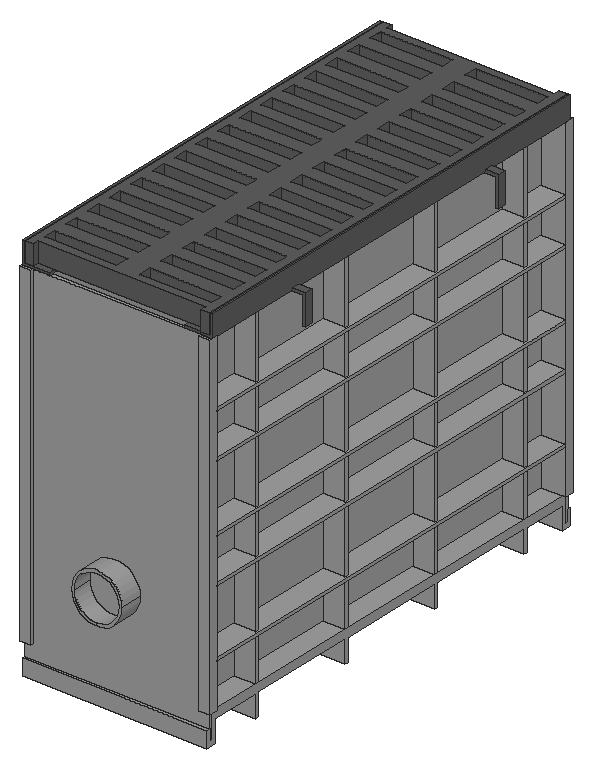
Revit family "Basin_Catch-Zurn-Z874-IB-InLine", category Plumbing Fixtures, Revit 2022
Family settings
  Round Connector Dimension = Use Radius
  Part Type = Normal
  OmniClass Number = 23.70.50.21.24.14
  OmniClass Title = Deck Waste Water Drains
  Work Plane-Based = No
  Always vertical = Yes
  Cut with Voids When Loaded = No
  Maintain Annotation Orientation = No
  Shared = No
  Room Calculation Point = No
Parameters (values of type "Load Family Type Catalog")
  Waste Connection = 1 = 1  # yes
  WFU = 1  # constant formula
  Vent Connection = 1 = 0  # no
  URL = "www.zurn.com"
  Type Comments = "Z874-12-IB With 4 Inch No Hub End Outlet"
  Product data url = "https://www.bimobject.com/en-us/zurnindustries/product/z874-ib"
  Product Page URL = "https://www.zurn.com/products/drainage-interceptors/trench-drain-systems/catch-basin/z874-ib"
  Product Installation Sheet URL = "https://files.zurn.com/care-cleaning-install-warranty-sheets/ft754.pdf"
  Product Documentation Link = "https://files.zurn.com/spec-sheets/301349.pdf"
  Pipe Size_A Outer Radius = Pipe Size_A Outer Diameter / 2  # 2.250"
  Pipe Size_A Outer Diameter = 4.500"
  Pipe Size_A Nominal Radius = Pipe Size_A Nominal Diameter / 2  # 2.000"
  Pipe Size_A Nominal Diameter = 4.000"
  Pipe Size_A Inside Radius = Pipe Size_A Inside Diameter / 2  # 2.013"
  Pipe Size_A Inside Diameter = 4.026"
  Modified Date = "12/18/2025"  # constant formula
  Model = "Z874-IB"
  Material_Grate [instance] = Iron - Zurn - Cast - Ductile - Painted Black
  Manufacurer Brand = "Zurn"  # constant formula
  Manufacturer = "Zurn Water, LLC"  # constant formula
  Main Material = Polymer - Zurn - HDPE - Grey
  HWFU = 0  # constant formula
  HW Connection = 1 = 0  # no
  End Outlet = yes
  Dimension "C" = 32.000"
  Dimension "B" = 17.000"
  Dimension "A" = 12.000"
  Description = "INLINE CATCH BASIN"  # constant formula
  Default Elevation = 20.000"  # constant formula
  Date Created = "03/10/2023"  # constant formula
  Connector Radius = Pipe Size_A Nominal Diameter / 2  # 2.000"
  CWFU = 0  # constant formula
  CW Connection = 1 = 0  # no
  Bottom Outlet = no
  Assembly Code = "D2040300"
Reference planes (in)
  plane 1 "Center (Front/Back)": y = 0
  plane 2: z = 0
  plane 3 "Center (Left/Right)": x = 0
  plane 4 "End Outlet": x = 8.5
  plane 5: x = -8.5
  plane 6: x = -6
  plane 7: x = 6
  plane 8: z = -2
  plane 9: x = -8.25
  plane 10: x = 8.25
  plane 11: z = -1.75
  plane 12: z = -0.25
  plane 13: y = -20
  plane 14: y = 20
  plane 15: z = -32
  plane 16 "Bottom Outlet": z = -34.75
  plane 17: y = -17.57576
  plane 18: y = -18.78788
  plane 19: x = 1
  plane 20: x = -1
  plane 21: x = 7.5
  plane 22: x = -7.5
  plane 23: y = -15.15152
  plane 24: y = -16.36364
  plane 25: y = -12.72727
  plane 26: y = -13.93939
  plane 27: y = -10.30303
  plane 28: y = -11.51515
  plane 29: y = -7.87879
  plane 30: y = -9.09091
  plane 31: y = -5.45455
  plane 32: y = -6.66667
  plane 33: y = -3.0303
  plane 34: y = -4.24242
  plane 35: y = -0.60606
  plane 36: y = -1.81818
  plane 37: y = 1.81818
  plane 38: y = 0.60606
  plane 39: y = 4.24242
  plane 40: y = 3.0303
  plane 41: y = 6.66667
  plane 42: y = 5.45455
  plane 43: y = 9.09091
  plane 44: y = 7.87879
  plane 45: y = 11.51515
  plane 46: y = 10.30303
  plane 47: y = 13.93939
  plane 48: y = 12.72727
  plane 49: y = 16.36364
  plane 50: y = 15.15152
  plane 51: y = 18.78788
  plane 52: y = 17.57576
  plane 53: z = -24.75
  plane 54: z = -22.75
  plane 55: z = -26.75
  plane 56: z = -22.737
  plane 57: z = -26.763
  plane 58: z = -22.5
  plane 59: z = -27
  plane 60: x = -2
  plane 61: x = 2
  plane 62: x = 2.013
  plane 63: x = -2.013
  plane 64: x = -2.25
  plane 65: x = 2.25
  plane 66 "Endoutlet": y = -22.28125
  plane 67: y = 2.013
  plane 68: y = -2.013
  plane 69: y = 2.25
  plane 70: y = -2.25
  plane 71: y = 2
  plane 72: y = -2
  plane 73: z = -39.40434
  plane 74: y = -20.28125
  plane 75: y = 20.28125
  plane 76 "outlet": z = -35.25
  plane 77: y = 19.46875
  plane 78: y = -19.46875
  plane 79: z = -4.5
Forms (in)
  Extrusion 1, solid, material "Iron - Zurn - Cast - Ductile - Painted Black" <- "Material_Grate", detail levels fine
    sketch origin (0, 0, 0) x (1, 0, 0) y (0, 0, 1)
      loop
        line (-8.5, 0) -> (-8.5, -2) -> (-6, -2) -> (-6, -1.75) -> (-8.25, -1.75) -> (-8.25, 0) -> (-8.5, 0)
      loop
        line (8.25, 0) -> (8.25, -1.75) -> (6, -1.75) -> (6, -2) -> (8.5, -2) -> (8.5, 0) -> (8.25, 0)
    from -20 to 20
  Extrusion 2, solid, material "Polymer - Zurn - HDPE - Grey" <- "Main Material", detail levels fine
    sketch origin (0.23, 0.11056, 0) x (1, 0, 0) y (0, 1, 0)
      loop
        line (5.77, -19.82881) -> (8.02, -19.82881) -> (8.02, -20.14181) -> (7.27, -20.14181) -> (7.27, -20.39181) -> (8.27, -20.39181) -> (8.27, -19.57881) -> (6.02, -19.57881) -> (6.02, -14.95381) -> (8.02, -14.95381) -> (8.02, -14.70381) -> (6.02, -14.70381) -> (6.02, -4.95381) -> (8.02, -4.95381) -> (8.02, -4.70381) -> (6.02, -4.70381) -> (6.02, 5.04619) -> (8.02, 5.04619) -> (8.02, 5.29619) -> (6.02, 5.29619) -> (6.02, 15.04619) -> (8.02, 15.04619) -> (8.02, 15.29619) -> (6.02, 15.29619) -> (6.02, 19.35769) -> (8.27, 19.35769) -> (8.27, 20.17069) -> (7.27, 20.17069) -> (7.27, 19.92069) -> (8.02, 19.92069) -> (8.02, 19.60769) -> (5.77, 19.60769) -> (5.77, -19.82881)
    from -32 to -2
  Extrusion 3, solid, material "Polymer - Zurn - HDPE - Grey" <- "Main Material", detail levels fine
    sketch origin (0, 0, 0) x (0, 1, 0) y (0, 0, 1)
      loop
        line (19.46875, -32.75269) -> (19.46875, -34.75) -> (20.28125, -34.75) -> (20.28125, -33.3125) -> (20.03125, -33.3125) -> (20.03125, -34.313) -> (19.71875, -34.313) -> (19.71875, -32) -> (-19.71825, -32) -> (-19.71825, -34.313) -> (-20.03125, -34.313) -> (-20.03125, -33.3125) -> (-20.28125, -33.3125) -> (-20.28125, -34.75) -> (-19.46825, -34.75) -> (-19.46825, -32.75269) -> (-14.84325, -32.75269) -> (-14.84325, -34.75) -> (-14.59325, -34.75) -> (-14.59325, -32.75269) -> (-4.84325, -32.75269) -> (-4.84325, -34.75) -> (-4.59325, -34.75) -> (-4.59325, -32.75269) -> (5.15675, -32.75269) -> (5.15675, -34.75) -> (5.40675, -34.75) -> (5.40675, -32.75269) -> (15.15675, -32.75269) -> (15.15675, -34.75) -> (15.40675, -34.75) -> (15.40675, -32.75269) -> (19.46875, -32.75269)
    from 8.25 to -8.25
  Extrusion 4, solid, material "Polymer - Zurn - HDPE - Grey" <- "Main Material", detail levels fine
    sketch origin (0, 0, 0) x (0, -1, 0) y (0, 0, -1)
      loop
        line (19.71825, 2) -> (20, 2) -> (20, 34.313) -> (19.71825, 34.313) -> (19.71825, 2)
    from -8.25 to 8.25
  Extrusion 5, solid, material "Polymer - Zurn - HDPE - Grey" <- "Main Material", detail levels fine
    sketch origin (0, 0, 0) x (0, 1, 0) y (0, 0, 1)
      loop
        line (19.46875, -7.75) -> (-19.46875, -7.75) -> (-19.46875, -8) -> (19.46875, -8) -> (19.46875, -7.75)
      loop
        line (19.46875, -11.75) -> (-19.46875, -11.75) -> (-19.46875, -12) -> (19.46875, -12) -> (19.46875, -11.75)
      loop
        line (19.46875, -17.75) -> (-19.46825, -17.75) -> (-19.46825, -18) -> (19.46875, -18) -> (19.46875, -17.75)
      loop
        line (19.46875, -21.75) -> (-19.46825, -21.75) -> (-19.46825, -22) -> (19.46875, -22) -> (19.46875, -21.75)
      loop
        line (19.46875, -27.75) -> (-19.46825, -27.75) -> (-19.46825, -28) -> (19.46875, -28) -> (19.46875, -27.75)
    from 6 to 8.5
  Extrusion 6, solid, material "Iron - Zurn - Cast - Ductile - Painted Black" <- "Material_Grate", detail levels fine
    sketch origin (32.05837, 37.70246, 0) x (1, 0, 0) y (0, 1, 0)
      loop
        line (-40.30837, -47.5) -> (-40.30837, -57.70246) -> (-39.55837, -57.70246) -> (-39.55837, -57.17121) -> (-24.55837, -57.17121) -> (-24.55837, -57.70246) -> (-23.80837, -57.70246) -> (-23.80837, -47.5) -> (-23.80837, -17.70246) -> (-24.55837, -17.70246) -> (-24.55837, -18.23371) -> (-39.55837, -18.23371) -> (-39.55837, -17.70246) -> (-40.30837, -17.70246) -> (-40.30837, -47.5)
    from -1.75 to 0
  Extrusion 7, void
    sketch origin (0.55286, 28.00435, 0) x (-1, 0, 0) y (0, -1, 0)
      loop
        line (-6.94714, 46.79223) -> (-6.94714, 45.58011) -> (-0.44714, 45.58011) -> (-0.44714, 46.79223) -> (-6.94714, 46.79223)
      loop
        line (-6.94714, 44.36798) -> (-6.94714, 43.15586) -> (-0.44714, 43.15586) -> (-0.44714, 44.36798) -> (-6.94714, 44.36798)
      loop
        line (-6.94714, 41.94374) -> (-6.94714, 40.73162) -> (-0.44714, 40.73162) -> (-0.44714, 41.94374) -> (-6.94714, 41.94374)
      loop
        line (-6.94714, 39.5195) -> (-6.94714, 38.30738) -> (-0.44714, 38.30738) -> (-0.44714, 39.5195) -> (-6.94714, 39.5195)
      loop
        line (-6.94714, 37.09526) -> (-6.94714, 35.88314) -> (-0.44714, 35.88314) -> (-0.44714, 37.09526) -> (-6.94714, 37.09526)
      loop
        line (-6.94714, 34.67101) -> (-6.94714, 33.45889) -> (-0.44714, 33.45889) -> (-0.44714, 34.67101) -> (-6.94714, 34.67101)
      loop
        line (-6.94714, 32.24677) -> (-6.94714, 31.03465) -> (-0.44714, 31.03465) -> (-0.44714, 32.24677) -> (-6.94714, 32.24677)
      loop
        line (-6.94714, 29.82253) -> (-6.94714, 28.61041) -> (-0.44714, 28.61041) -> (-0.44714, 29.82253) -> (-6.94714, 29.82253)
      loop
        line (-6.94714, 27.39829) -> (-6.94714, 26.18617) -> (-0.44714, 26.18617) -> (-0.44714, 27.39829) -> (-6.94714, 27.39829)
      loop
        line (-6.94714, 24.97405) -> (-6.94714, 23.76192) -> (-0.44714, 23.76192) -> (-0.44714, 24.97405) -> (-6.94714, 24.97405)
      loop
        line (-6.94714, 22.5498) -> (-6.94714, 21.33768) -> (-0.44714, 21.33768) -> (-0.44714, 22.5498) -> (-6.94714, 22.5498)
      loop
        line (-6.94714, 20.12556) -> (-6.94714, 18.91344) -> (-0.44714, 18.91344) -> (-0.44714, 20.12556) -> (-6.94714, 20.12556)
      loop
        line (-6.94714, 17.70132) -> (-6.94714, 16.4892) -> (-0.44714, 16.4892) -> (-0.44714, 17.70132) -> (-6.94714, 17.70132)
      loop
        line (-6.94714, 15.27708) -> (-6.94714, 14.06495) -> (-0.44714, 14.06495) -> (-0.44714, 15.27708) -> (-6.94714, 15.27708)
      loop
        line (-6.94714, 12.85283) -> (-6.94714, 11.64071) -> (-0.44714, 11.64071) -> (-0.44714, 12.85283) -> (-6.94714, 12.85283)
      loop
        line (-6.94714, 10.42859) -> (-6.94714, 9.21647) -> (-0.44714, 9.21647) -> (-0.44714, 10.42859) -> (-6.94714, 10.42859)
      loop
        line (8.05286, 46.79223) -> (1.55286, 46.79223) -> (1.55286, 45.58011) -> (8.05286, 45.58011) -> (8.05286, 46.79223)
      loop
        line (8.05286, 44.36798) -> (1.55286, 44.36798) -> (1.55286, 43.15586) -> (8.05286, 43.15586) -> (8.05286, 44.36798)
      loop
        line (8.05286, 41.94374) -> (1.55286, 41.94374) -> (1.55286, 40.73162) -> (8.05286, 40.73162) -> (8.05286, 41.94374)
      loop
        line (8.05286, 39.5195) -> (1.55286, 39.5195) -> (1.55286, 38.30738) -> (8.05286, 38.30738) -> (8.05286, 39.5195)
      loop
        line (8.05286, 37.09526) -> (1.55286, 37.09526) -> (1.55286, 35.88314) -> (8.05286, 35.88314) -> (8.05286, 37.09526)
      loop
        line (8.05286, 34.67101) -> (1.55286, 34.67101) -> (1.55286, 33.45889) -> (8.05286, 33.45889) -> (8.05286, 34.67101)
      loop
        line (8.05286, 32.24677) -> (1.55286, 32.24677) -> (1.55286, 31.03465) -> (8.05286, 31.03465) -> (8.05286, 32.24677)
      loop
        line (8.05286, 29.82253) -> (1.55286, 29.82253) -> (1.55286, 28.61041) -> (8.05286, 28.61041) -> (8.05286, 29.82253)
      loop
        line (8.05286, 27.39829) -> (1.55286, 27.39829) -> (1.55286, 26.18617) -> (8.05286, 26.18617) -> (8.05286, 27.39829)
      loop
        line (8.05286, 24.97405) -> (1.55286, 24.97405) -> (1.55286, 23.76192) -> (8.05286, 23.76192) -> (8.05286, 24.97405)
      loop
        line (8.05286, 22.5498) -> (1.55286, 22.5498) -> (1.55286, 21.33768) -> (8.05286, 21.33768) -> (8.05286, 22.5498)
      loop
        line (8.05286, 20.12556) -> (1.55286, 20.12556) -> (1.55286, 18.91344) -> (8.05286, 18.91344) -> (8.05286, 20.12556)
      loop
        line (8.05286, 17.70132) -> (1.55286, 17.70132) -> (1.55286, 16.4892) -> (8.05286, 16.4892) -> (8.05286, 17.70132)
      loop
        line (8.05286, 15.27708) -> (1.55286, 15.27708) -> (1.55286, 14.06495) -> (8.05286, 14.06495) -> (8.05286, 15.27708)
      loop
        line (8.05286, 12.85283) -> (1.55286, 12.85283) -> (1.55286, 11.64071) -> (8.05286, 11.64071) -> (8.05286, 12.85283)
      loop
        line (8.05286, 10.42859) -> (1.55286, 10.42859) -> (1.55286, 9.21647) -> (8.05286, 9.21647) -> (8.05286, 10.42859)
    from -1.5 to 0
  Extrusion 8, solid, material "Polymer - Zurn - HDPE - Grey" <- "Main Material", visible <- "End Outlet", detail levels fine
    sketch origin (0, 0, 0) x (1, 0, 0) y (0, 0, 1)
      loop
        circle (0, -24.75) r 2.25
    from 22.28125 to 20.28125
  Extrusion 9, void
    sketch origin (0, 0, 0) x (1, 0, 0) y (0, 0, 1)
      loop
        circle (0, -24.75) r 2.013
    from 20.5625 to 22.28125
  Extrusion 10, solid, material "Polymer - Zurn - HDPE - Grey" <- "Main Material", visible <- "Bottom Outlet", detail levels fine
    sketch origin (0, 0, -34.75) x (0, 1, 0) y (-1, 0, 0)
      loop
        circle (0, 0) r 2.25
    from 0 to 1.99731
  Extrusion 11, void
    sketch origin (0, 0, -34.75) x (0, 1, 0) y (-1, 0, 0)
      loop
        circle (0, 0) r 2.013
    from -0.5 to 1.99731
  Extrusion 12, solid, material "Polymer - Zurn - HDPE - Grey" <- "Main Material", detail levels fine
    sketch origin (0, 0, 0) x (0, 1, 0) y (0, 0, -1)
      loop
        line (19.46825, 7.75) -> (19.46825, 8) -> (-19.46875, 8) -> (-19.46875, 7.75) -> (19.46825, 7.75)
      loop
        line (19.46825, 11.75) -> (19.46825, 12) -> (-19.46875, 12) -> (-19.46875, 11.75) -> (19.46825, 11.75)
      loop
        line (19.46825, 17.75) -> (19.46825, 18) -> (-19.46825, 18) -> (-19.46825, 17.75) -> (19.46825, 17.75)
      loop
        line (19.46825, 21.75) -> (19.46825, 22) -> (-19.46825, 22) -> (-19.46825, 21.75) -> (19.46825, 21.75)
      loop
        line (19.46875, 27.75) -> (19.46875, 28) -> (-19.46875, 28) -> (-19.46875, 27.75) -> (19.46875, 27.75)
    from 6 to 8.5
  Extrusion 13, solid, material "Polymer - Zurn - HDPE - Grey" <- "Main Material", detail levels fine
    sketch origin (0, 0, 0) x (0, 1, 0) y (0, 0, 1)
      loop
        line (19.687, -2) -> (19.687, -32) -> (19.687, -34.313) -> (20, -34.313) -> (20, -32) -> (20, -2) -> (19.687, -2)
    from -8.25 to 8.25
  Extrusion 14, solid, material "Polymer - Zurn - HDPE - Grey" <- "Main Material", detail levels fine
    sketch origin (-0.23, 0.11056, 0) x (-1, 0, 0) y (0, -1, 0)
      loop
        line (5.77, 19.82881) -> (5.77, -19.60769) -> (8.02, -19.60769) -> (8.02, -19.92069) -> (7.27, -19.92069) -> (7.27, -20.17069) -> (8.27, -20.17069) -> (8.27, -19.35769) -> (6.02, -19.35769) -> (6.02, -15.29619) -> (8.02, -15.29619) -> (8.02, -15.04619) -> (6.02, -15.04619) -> (6.02, -5.29619) -> (8.02, -5.29619) -> (8.02, -5.04619) -> (6.02, -5.04619) -> (6.02, 4.70381) -> (8.02, 4.70381) -> (8.02, 4.95381) -> (6.02, 4.95381) -> (6.02, 14.70381) -> (8.02, 14.70381) -> (8.02, 14.95381) -> (6.02, 14.95381) -> (6.02, 19.57881) -> (8.27, 19.57881) -> (8.27, 20.39181) -> (7.27, 20.39181) -> (7.27, 20.14181) -> (8.02, 20.14181) -> (8.02, 19.82881) -> (5.77, 19.82881)
    from -32 to -2
  Extrusion 15, solid, material "Iron - Zurn - Cast - Ductile - Painted Black" <- "Material_Grate", detail levels fine
    sketch origin (0, 0, 0) x (1, 0, 0) y (0, 0, 1)
      loop
        line (8.5, -1.75) -> (8.5, -2) -> (9.5, -2) -> (9.5, -4.5) -> (9.75, -4.5) -> (9.75, -1.75) -> (8.5, -1.75)
    from 10.405 to 11.15502
  Extrusion 16, solid, material "Iron - Zurn - Cast - Ductile - Painted Black" <- "Material_Grate", detail levels fine
    sketch origin (0, 0, 0) x (1, 0, 0) y (0, 0, -1)
      loop
        line (8.5, 1.75) -> (9.75, 1.75) -> (9.75, 4.5) -> (9.5, 4.5) -> (9.5, 2) -> (8.5, 2) -> (8.5, 1.75)
    from 10.405 to 11.15502
  Extrusion 17, solid, material "Iron - Zurn - Cast - Ductile - Painted Black" <- "Material_Grate", detail levels fine
    sketch origin (0, 0, 0) x (-1, 0, 0) y (0, 0, -1)
      loop
        line (8.5, 1.75) -> (9.75, 1.75) -> (9.75, 4.5) -> (9.5, 4.5) -> (9.5, 2) -> (8.5, 2) -> (8.5, 1.75)
    from 10.405 to 11.15502
  Extrusion 18, solid, material "Iron - Zurn - Cast - Ductile - Painted Black" <- "Material_Grate", detail levels fine
    sketch origin (0, 0, 0) x (-1, 0, 0) y (0, 0, 1)
      loop
        line (8.5, -1.75) -> (8.5, -2) -> (9.5, -2) -> (9.5, -4.5) -> (9.75, -4.5) -> (9.75, -1.75) -> (8.5, -1.75)
    from 10.405 to 11.15502
Cuts and joins
  Extrusion 7, Extrusion 11 cuts Extrusion 6
  Extrusion 9 cuts Extrusion 8
  Extrusion 11 cuts Extrusion 10
Lines and regions (in)
  Masking region 1
    outline origin (0, 0, 0) x (1, 0, 0) y (0, 1, 0)
      loop
        line (-8.5, 20.28125) -> (-8.5, 11.15502) -> (-9.75, 11.15502) -> (-9.75, 10.405) -> (-8.5, 10.405) -> (-8.5, -10.405) -> (-9.75, -10.405) -> (-9.75, -11.15502) -> (-8.5, -11.15502) -> (-8.5, -20.28125) -> (8.5, -20.28125) -> (8.5, -11.15502) -> (9.75, -11.15502) -> (9.75, -10.405) -> (8.5, -10.405) -> (8.5, 10.405) -> (9.75, 10.405) -> (9.75, 11.15502) -> (8.5, 11.15502) -> (8.5, 20.28125) -> (-8.5, 20.28125)
  Masking region 2, visible <- "End Outlet"
    outline origin (0, 0, 0) x (1, 0, 0) y (0, 1, 0)
      loop
        line (-2.25, -20.28125) -> (-2.25, -22.28125) -> (2.25, -22.28125) -> (2.25, -20.28125) -> (-2.25, -20.28125)
  model lines, detail levels coarse+medium
    curve 1: line (-8.5, 20.28125, 0) -> (8.5, 20.28125, 0)
    curve 2: line (-8.5, -20.28125, 0) -> (-8.5, 20.28125, 0)
    curve 3: line (8.5, -20.28125, 0) -> (-8.5, -20.28125, 0)
    curve 4: line (8.5, 20.28125, 0) -> (8.5, -20.28125, 0)
    curve 5: line (-8.25, 20, 0) -> (8.25, 20, 0)
    curve 6: line (-8.25, -20, 0) -> (-8.25, 20, 0)
    curve 7: line (8.25, -20, 0) -> (-8.25, -20, 0)
    curve 8: line (8.25, 20, 0) -> (8.25, -20, 0)
    curve 9: line (-8.25, 17.5, 0) -> (8.25, 17.5, 0)
    curve 10: line (8.25, 15, 0) -> (-8.25, 15, 0)
    curve 11: line (-8.25, 12.5, 0) -> (8.25, 12.5, 0)
    curve 12: line (8.25, 10, 0) -> (-8.25, 10, 0)
    curve 13: line (-8.25, 7.5, 0) -> (8.25, 7.5, 0)
    curve 14: line (8.25, 5, 0) -> (-8.25, 5, 0)
    curve 15: line (8.25, 2.5, 0) -> (-8.25, 2.5, 0)
    curve 16: line (-4.25, 20, 0) -> (-4.25, -20, 0)
    curve 17: line (0, 20, 0) -> (0, -20, 0)
    curve 18: line (4.25, 20, 0) -> (4.25, -20, 0)
    curve 19: line (-8.25, -17.5, 0) -> (8.25, -17.5, 0)
    curve 20: line (8.25, -15, 0) -> (-8.25, -15, 0)
    curve 21: line (-8.25, -12.5, 0) -> (8.25, -12.5, 0)
    curve 22: line (-8.25, -7.5, 0) -> (8.25, -7.5, 0)
    curve 23: line (8.25, -5, 0) -> (-8.25, -5, 0)
    curve 24: line (8.25, -2.5, 0) -> (-8.25, -2.5, 0)
    curve 25: line (-8.25, 0, 0) -> (8.25, 0, 0)
    curve 26: line (-8.25, -10, 0) -> (8.25, -10, 0)
    curve 27: line (0, -20.28125, 0) -> (0, -20.28125, -32)
    curve 28: line (0, 20.28125, -32) -> (0, 20.28125, 0)
    curve 34: line (0, 20.28125, -32) -> (0, -20.28125, -32)
  model lines, visible <- "End Outlet", detail levels coarse+medium
    curve 29: line (0, -22.28125, -24.75) -> (0, -20.28125, -24.75)
    curve 32: line (0, -22.28125, -22.75) -> (0, -22.28125, -26.75)
    curve 33: line (-2, -22.28125, -24.75) -> (2, -22.28125, -24.75)
  model lines, visible <- "Bottom Outlet", detail levels coarse+medium
    curve 30: line (0, 2, -34.75) -> (0, -2, -34.75)
    curve 31: line (-2, 0, -34.75) -> (2, 0, -34.75)
    curve 35: line (0, 0, -32) -> (0, 0, -34.75)
Dimensions and locks (in)
  equal spacing: plane 6, plane 3 "Center (Left/Right)", plane 7
  equal spacing: plane 5, plane 3 "Center (Left/Right)", plane 4 "End Outlet"
  "Dimension "A"": plane 6 to plane 7
  "Dimension "B"": plane 5 to plane 4 "End Outlet"
  locked: level to plane 8 at 2
  locked: plane 9 to plane 5 at 0.25
  locked: plane 4 "End Outlet" to plane 10 at 0.25
  locked: plane 11 to plane 8 at 0.25
  equal spacing: plane 14, plane 1 "Center (Front/Back)", plane 13
  locked: plane 14 to plane 13 at 40
  "Dimension "C"": level to plane 15
  locked: Extrusion 3 sketch curve to Extrusion 3 sketch curve at 0.25  (x5)
  locked: Extrusion 3 sketch curve to Extrusion 3 sketch curve at 0.3125
  locked: plane 15 to plane 16 "Bottom Outlet" at 2.75
  locked: plane 15 to Extrusion 3 sketch curve at 1.3125  (x2)
  locked: plane 15 to Extrusion 3 sketch curve at 2.313  (x2)
  locked: Extrusion 5 sketch curve to Extrusion 5 sketch curve at 0.25  (x5)
  locked: plane 11 to Extrusion 5 sketch curve at 6
  locked: Extrusion 5 sketch curve to Extrusion 5 sketch curve at 3.75  (x2)
  locked: Extrusion 5 sketch curve to Extrusion 5 sketch curve at 5.75  (x2)
  plane 20 to plane 3 "Center (Left/Right)" to plane 19 = 1.000" locked, 1.000" locked
  equal spacing: plane 13, plane 18, plane 17, plane 24, plane 23, plane 26, plane 25, plane 28, plane 27, plane 30, plane 29, plane 32, plane 31, plane 34, plane 33, plane 36, plane 35, plane 38, plane 37, plane 40, plane 39, plane 42, plane 41, plane 44, plane 43, plane 46, plane 45, plane 48, plane 47, plane 50, plane 49, plane 52, plane 51, plane 14, locked at 1.21212 each
  Extrusion 3 sketch curve to plane 1 "Center (Front/Back)" to Extrusion 3 sketch curve = 20.28125" locked, 20.28125" locked
  locked: Extrusion 3 sketch curve to Extrusion 3 sketch curve at 0.313
  locked: plane 21 to plane 10 at 0.75
  locked: plane 9 to plane 22 at 0.75
  locked: plane 53 to plane 16 "Bottom Outlet" at 10
  equal spacing: plane 56, plane 53, plane 57
  equal spacing: plane 54, plane 53, plane 55
  equal spacing: plane 58, plane 53, plane 59
  "Pipe Size_A Inside Diameter": plane 56 to plane 57
  "Pipe Size_A Nominal Diameter": plane 54 to plane 55
  "Pipe Size_A Outer Diameter": plane 58 to plane 59
  equal spacing: plane 61, plane 3 "Center (Left/Right)", plane 60
  equal spacing: plane 65, plane 3 "Center (Left/Right)", plane 64
  equal spacing: plane 62, plane 3 "Center (Left/Right)", plane 63
  "Pipe Size_A Nominal Diameter": plane 61 to plane 60
  "Pipe Size_A Inside Diameter": plane 62 to plane 63
  "Pipe Size_A Outer Diameter": plane 65 to plane 64
  locked: plane 66 "Endoutlet" to Extrusion 3 at 2
  equal spacing: plane 67, plane 1 "Center (Front/Back)", plane 68
  equal spacing: plane 69, plane 1 "Center (Front/Back)", plane 70
  equal spacing: plane 71, plane 1 "Center (Front/Back)", plane 72
  "Pipe Size_A Inside Diameter": plane 67 to plane 68
  "Pipe Size_A Outer Diameter": plane 69 to plane 70
  "Pipe Size_A Nominal Diameter": plane 71 to plane 72
  equal spacing: plane 13, curve 19, curve 20, curve 21, curve 26, curve 22, curve 23, curve 24, curve 25, curve 15, curve 14, curve 13, curve 12, curve 11, curve 10, curve 9, plane 14, locked at 2.5 each
  equal spacing: plane 5, curve 16, curve 17, curve 18, plane 4 "End Outlet", locked at 4.25 each
  locked: plane 16 "Bottom Outlet" to plane 76 "outlet" at 0.5
  locked: Extrusion 2 sketch curve to Extrusion 2 sketch curve at 0.25  (x8)
  locked: Extrusion 2 sketch curve to Extrusion 2 sketch curve at 0.313  (x2)
  locked: Extrusion 12 sketch curve to Extrusion 12 sketch curve at 0.25  (x5)
  locked: Extrusion 12 sketch curve to Extrusion 12 sketch curve at 3.75  (x2)
  locked: Extrusion 12 sketch curve to Extrusion 12 sketch curve at 5.75  (x2)
  locked: Extrusion 14 sketch curve to Extrusion 14 sketch curve at 0.25  (x4)
  locked: Extrusion 14 sketch curve to Extrusion 14 sketch curve at 0.313  (x2)
  Extrusion 3 sketch curve to Extrusion 3 sketch curve = 0.250"  (x3)
  locked: Extrusion 3 sketch curve to Extrusion 3 sketch curve at 9.75  (x3)
  locked: Extrusion 3 sketch curve to Extrusion 3 sketch curve at 4.625
  locked: Extrusion 2 sketch curve to Extrusion 2 sketch curve at 4.625
  locked: Extrusion 2 sketch curve to Extrusion 2 sketch curve at 9.75  (x3)
  locked: Extrusion 2 sketch curve to Extrusion 2 sketch curve at 4.0615
  locked: Extrusion 3 sketch curve to Extrusion 3 sketch curve at 4.062
  equal spacing: plane 77, plane 1 "Center (Front/Back)", plane 78
  locked: plane 77 to plane 78 at 38.9375
  locked: plane 7 to Extrusion 2 sketch curve at 0.25
  locked: Extrusion 14 sketch curve to Extrusion 1 at 0.25
  locked: Extrusion 4 sketch curve to Extrusion 14 at 0.313
  locked: Extrusion 13 sketch curve to Extrusion 13 sketch curve at 0.313
  locked: Extrusion 3 sketch curve to Extrusion 14 at 0.75269
  locked: plane 74 to Extrusion 15 at 9.12623
  locked: Extrusion 15 to Extrusion 15 at 0.75002
  locked: Extrusion 16 to Extrusion 16 at 0.75002
  locked: Extrusion 16 to plane 75 at 9.12623
  locked: level to plane 79 at 4.5
  locked: Extrusion 17 to Extrusion 17 at 0.75002  (x2)
  locked: Extrusion 18 to Extrusion 18 at 0.75002  (x2)
  locked: plane 75 to Extrusion 18 at 9.12623
  locked: Extrusion 17 to plane 74 at 9.12623
  locked: Extrusion 16 to Extrusion 16 at 0.25
  locked: Extrusion 18 to Extrusion 18 at 0.25
  locked: Extrusion 17 to Extrusion 17 at 0.25
  locked: Extrusion 15 to Extrusion 15 at 0.25
  "Pipe Size_A Outer Radius": radius of Extrusion 8 sketch curve
  "Pipe Size_A Inside Radius": radius of Extrusion 9 sketch curve
  "Pipe Size_A Outer Radius": radius of Extrusion 10 sketch curve
  "Pipe Size_A Inside Radius": radius of Extrusion 11 sketch curve
  aligned and locked: plane 2 to level
  aligned and locked: plane 4 "End Outlet" to Extrusion 1 sketch curve
  aligned and locked: Extrusion 1 sketch curve to plane 8  (x2)
  aligned and locked: Extrusion 1 sketch curve to plane 10
  aligned and locked: Extrusion 1 sketch curve to plane 7
  aligned and locked: plane 11 to Extrusion 1 sketch curve  (x2)
  aligned and locked: plane 9 to Extrusion 1 sketch curve
  aligned and locked: Extrusion 1 sketch curve to plane 5
  aligned and locked: level to Extrusion 1 sketch curve
  aligned and locked: plane 6 to Extrusion 1 sketch curve
  aligned and locked: plane 13 to Extrusion 1
  aligned and locked: Extrusion 1 to plane 14
  aligned and locked: Extrusion 2 sketch curve to Extrusion 2 sketch curve  (x7)
  aligned and locked: Extrusion 2 sketch curve to Extrusion 1  (x2)
  aligned and locked: Extrusion 1 to Extrusion 2 sketch curve
  aligned and locked: Extrusion 3 sketch curve to plane 16 "Bottom Outlet"  (x4)
  aligned and locked: plane 16 "Bottom Outlet" to Extrusion 3 sketch curve  (x2)
  aligned and locked: Extrusion 4 to plane 9
  aligned and locked: Extrusion 4 to plane 10
  aligned and locked: plane 8 to Extrusion 4
  aligned and locked: Extrusion 5 to plane 7
  aligned and locked: plane 4 "End Outlet" to Extrusion 5
  aligned and locked: plane 18 to Extrusion 7 sketch curve
  aligned and locked: Extrusion 7 sketch curve to plane 18  (x2)
  aligned and locked: plane 19 to Extrusion 7 sketch curve  (x16)
  aligned and locked: Extrusion 7 sketch curve to plane 17
  aligned and locked: plane 24 to Extrusion 7 sketch curve
  aligned and locked: Extrusion 7 sketch curve to plane 23
  aligned and locked: plane 26 to Extrusion 7 sketch curve
  aligned and locked: Extrusion 7 sketch curve to plane 25
  aligned and locked: plane 28 to Extrusion 7 sketch curve
  aligned and locked: Extrusion 7 sketch curve to plane 27
  aligned and locked: plane 30 to Extrusion 7 sketch curve
  aligned and locked: Extrusion 7 sketch curve to plane 29
  aligned and locked: plane 32 to Extrusion 7 sketch curve
  aligned and locked: Extrusion 7 sketch curve to plane 31
  aligned and locked: plane 34 to Extrusion 7 sketch curve
  aligned and locked: Extrusion 7 sketch curve to plane 33
  aligned and locked: plane 36 to Extrusion 7 sketch curve
  aligned and locked: Extrusion 7 sketch curve to plane 35
  aligned and locked: plane 38 to Extrusion 7 sketch curve
  aligned and locked: Extrusion 7 sketch curve to plane 37
  aligned and locked: plane 40 to Extrusion 7 sketch curve
  aligned and locked: Extrusion 7 sketch curve to plane 39
  aligned and locked: plane 42 to Extrusion 7 sketch curve
  aligned and locked: Extrusion 7 sketch curve to plane 41
  aligned and locked: plane 44 to Extrusion 7 sketch curve
  aligned and locked: Extrusion 7 sketch curve to plane 43
  aligned and locked: plane 46 to Extrusion 7 sketch curve
  aligned and locked: Extrusion 7 sketch curve to plane 45
  aligned and locked: plane 48 to Extrusion 7 sketch curve
  aligned and locked: Extrusion 7 sketch curve to plane 47
  aligned and locked: plane 50 to Extrusion 7 sketch curve
  aligned and locked: Extrusion 7 sketch curve to plane 49
  aligned and locked: plane 52 to Extrusion 7 sketch curve
  aligned and locked: Extrusion 7 sketch curve to plane 51
  aligned and locked: Extrusion 7 sketch curve to plane 21  (x16)
  aligned and locked: plane 53 to Extrusion 8 sketch curve
  aligned and locked: plane 3 "Center (Left/Right)" to Extrusion 8 sketch curve
  aligned and locked: plane 66 "Endoutlet" to Extrusion 8
  aligned and locked: plane 3 "Center (Left/Right)" to Extrusion 9 sketch curve
  aligned and locked: plane 53 to Extrusion 9 sketch curve
  aligned and locked: plane 66 "Endoutlet" to Extrusion 9
  aligned and locked: plane 1 "Center (Front/Back)" to Extrusion 10 sketch curve
  aligned and locked: plane 3 "Center (Left/Right)" to Extrusion 10 sketch curve
  aligned and locked: plane 1 "Center (Front/Back)" to Extrusion 11 sketch curve
  aligned and locked: plane 3 "Center (Left/Right)" to Extrusion 11 sketch curve
  aligned and locked: plane 5 to curve 2
  aligned and locked: curve 4 to plane 4 "End Outlet"
  aligned and locked: plane 75 to curve 1
  aligned and locked: plane 74 to curve 3
  aligned and locked: plane 14 to curve 5
  aligned and locked: plane 9 to curve 6
  aligned and locked: curve 8 to plane 10
  aligned and locked: plane 74 to curve 27
  aligned and locked: plane 75 to curve 28
  aligned and locked: plane 75 to Masking region 1 sketch curve
  aligned and locked: plane 74 to Masking region 1 sketch curve
  aligned and locked: Masking region 2 sketch curve to plane 64
  aligned and locked: plane 65 to Masking region 2 sketch curve
  aligned and locked: plane 66 "Endoutlet" to Masking region 2 sketch curve
  aligned and locked: plane 74 to Masking region 2 sketch curve
  aligned and locked: plane 66 "Endoutlet" to curve 29
  aligned and locked: plane 74 to curve 29
  aligned and locked: curve 29 to plane 53
  aligned and locked: plane 71 to curve 30
  aligned and locked: plane 72 to curve 30
  aligned and locked: curve 30 to plane 3 "Center (Left/Right)"
  aligned and locked: plane 60 to curve 31
  aligned and locked: plane 61 to curve 31
  aligned and locked: plane 1 "Center (Front/Back)" to curve 31
  aligned and locked: plane 54 to curve 32
  aligned and locked: plane 55 to curve 32
  aligned and locked: curve 32 to plane 3 "Center (Left/Right)"
  aligned and locked: plane 60 to curve 33
  aligned and locked: plane 61 to curve 33
  aligned and locked: curve 33 to plane 53
  aligned and locked: plane 5 to curve 3
  aligned and locked: plane 4 "End Outlet" to curve 4
  aligned and locked: Extrusion 12 to plane 6
  aligned and locked: plane 6 to Extrusion 12  (x5)
  aligned and locked: Extrusion 12 to plane 5
  aligned and locked: plane 5 to Extrusion 12  (x4)
  aligned and locked: plane 74 to Extrusion 2 sketch curve
  aligned and locked: Extrusion 14 sketch curve to Extrusion 14 sketch curve  (x7)
  aligned and locked: Extrusion 2 to Extrusion 14
  aligned and locked: Extrusion 14 to Extrusion 2
  aligned and locked: Extrusion 3 to Extrusion 14  (x3)
  aligned and locked: Extrusion 14 to Extrusion 3  (x3)
  aligned and locked: plane 9 to Extrusion 3
  aligned and locked: Extrusion 3 to plane 10
  aligned and locked: plane 10 to Extrusion 13
  aligned and locked: Extrusion 13 to plane 9
  aligned and locked: Extrusion 14 to plane 15
  aligned and locked: plane 10 to Extrusion 2 sketch curve  (x2)
  aligned and locked: plane 9 to Extrusion 14 sketch curve  (x2)
  aligned and locked: plane 78 to Extrusion 12
  aligned and locked: plane 77 to Extrusion 5 sketch curve  (x5)
  aligned and locked: Extrusion 5 sketch curve to plane 78  (x2)
  aligned and locked: Extrusion 14 to Extrusion 5 sketch curve  (x3)
  aligned and locked: plane 77 to Extrusion 12 sketch curve
  aligned and locked: Extrusion 14 to Extrusion 12 sketch curve  (x6)
  aligned and locked: Extrusion 12 sketch curve to plane 78  (x2)
  aligned and locked: Extrusion 2 sketch curve to plane 4 "End Outlet"
  aligned and locked: Extrusion 2 sketch curve to plane 21
  aligned and locked: plane 21 to Extrusion 2 sketch curve
  aligned and locked: plane 22 to Extrusion 14 sketch curve
  aligned and locked: plane 6 to Extrusion 14 sketch curve
  aligned and locked: Extrusion 14 sketch curve to plane 22
  aligned and locked: Extrusion 14 sketch curve to plane 5
  aligned and locked: Extrusion 4 sketch curve to plane 13
  aligned and locked: Extrusion 13 sketch curve to plane 14
  aligned and locked: Extrusion 6 sketch curve to plane 10
  aligned and locked: Extrusion 6 sketch curve to plane 9
  aligned and locked: plane 13 to Extrusion 6 sketch curve
  aligned and locked: Extrusion 6 sketch curve to plane 13
  aligned and locked: Extrusion 6 sketch curve to plane 14
  aligned and locked: plane 22 to Extrusion 6 sketch curve
  aligned and locked: plane 21 to Extrusion 6 sketch curve
  aligned and locked: Extrusion 6 sketch curve to plane 22
  aligned and locked: Extrusion 6 sketch curve to plane 21
  aligned and locked: plane 77 to Extrusion 6 sketch curve
  aligned and locked: plane 78 to Extrusion 6 sketch curve
  aligned and locked: plane 13 to curve 18
  aligned and locked: plane 13 to curve 17
  aligned and locked: cut or joined group of Extrusion 6, Extrusion 7, Extrusion 11 to plane 11
  aligned and locked: level to cut or joined group of Extrusion 6, Extrusion 7, Extrusion 11
  aligned and locked: plane 74 to cut or joined group of Extrusion 8, Extrusion 9
  aligned and locked: plane 15 to Extrusion 3 sketch curve
  aligned and locked: Extrusion 3 sketch curve to Extrusion 3 sketch curve  (x4)
  aligned and locked: plane 8 to Extrusion 13 sketch curve
  aligned and locked: plane 17 to Extrusion 7 sketch curve
  aligned and locked: Extrusion 7 sketch curve to plane 24
  aligned and locked: Extrusion 7 sketch curve to plane 26
  aligned and locked: plane 25 to Extrusion 7 sketch curve
  aligned and locked: Extrusion 7 sketch curve to plane 28
  aligned and locked: plane 27 to Extrusion 7 sketch curve
  aligned and locked: Extrusion 7 sketch curve to plane 30
  aligned and locked: plane 29 to Extrusion 7 sketch curve
  aligned and locked: Extrusion 7 sketch curve to plane 32
  aligned and locked: plane 31 to Extrusion 7 sketch curve
  aligned and locked: Extrusion 7 sketch curve to plane 34
  aligned and locked: plane 33 to Extrusion 7 sketch curve
  aligned and locked: Extrusion 7 sketch curve to plane 36
  aligned and locked: plane 35 to Extrusion 7 sketch curve
  aligned and locked: Extrusion 7 sketch curve to plane 38
  aligned and locked: plane 37 to Extrusion 7 sketch curve
  aligned and locked: Extrusion 7 sketch curve to plane 40
  aligned and locked: plane 39 to Extrusion 7 sketch curve
  aligned and locked: Extrusion 7 sketch curve to plane 42
  aligned and locked: plane 41 to Extrusion 7 sketch curve
  aligned and locked: Extrusion 7 sketch curve to plane 44
  aligned and locked: plane 43 to Extrusion 7 sketch curve
  aligned and locked: Extrusion 7 sketch curve to plane 46
  aligned and locked: plane 45 to Extrusion 7 sketch curve
  aligned and locked: Extrusion 7 sketch curve to plane 48
  aligned and locked: plane 47 to Extrusion 7 sketch curve
  aligned and locked: Extrusion 7 sketch curve to plane 50
  aligned and locked: plane 49 to Extrusion 7 sketch curve
  aligned and locked: plane 51 to Extrusion 7 sketch curve
  aligned and locked: Extrusion 7 sketch curve to plane 20  (x16)
  aligned and locked: Extrusion 7 sketch curve to plane 22  (x16)
  aligned and locked: plane 11 to Extrusion 15
  aligned and locked: plane 11 to Extrusion 16
  aligned and locked: Extrusion 15 to plane 79
  aligned and locked: Extrusion 16 to plane 79
  aligned and locked: Extrusion 17 to plane 79
  aligned and locked: Extrusion 18 to plane 79
  aligned and locked: plane 11 to Extrusion 17
  aligned and locked: plane 11 to Extrusion 18
  aligned and locked: Masking region 1 sketch curve to Extrusion 15  (x3)
  aligned and locked: Masking region 1 sketch curve to Extrusion 16  (x3)
  aligned and locked: Masking region 1 sketch curve to Extrusion 18  (x3)
  aligned and locked: Masking region 1 sketch curve to Extrusion 17  (x3)
  aligned and locked: Masking region 1 sketch curve to plane 5  (x3)
  aligned and locked: plane 4 "End Outlet" to Masking region 1 sketch curve  (x3)
  aligned and locked: plane 8 to Extrusion 15 sketch curve
  aligned and locked: Extrusion 15 sketch curve to plane 11
  aligned and locked: plane 4 "End Outlet" to Extrusion 15 sketch curve
  aligned and locked: plane 79 to Extrusion 15 sketch curve
  aligned and locked: plane 11 to Extrusion 17 sketch curve
  aligned and locked: Extrusion 17 sketch curve to plane 8
  aligned and locked: Extrusion 17 sketch curve to plane 79
  aligned and locked: Extrusion 18 sketch curve to plane 11
  aligned and locked: plane 8 to Extrusion 18 sketch curve
  aligned and locked: plane 79 to Extrusion 18 sketch curve
  aligned and locked: Extrusion 18 sketch curve to plane 5
  aligned and locked: plane 11 to Extrusion 16 sketch curve
  aligned and locked: Extrusion 16 sketch curve to plane 8
  aligned and locked: Extrusion 16 sketch curve to plane 4 "End Outlet"
  aligned and locked: Extrusion 16 sketch curve to plane 79
  aligned and locked: Extrusion 2 to plane 15
  aligned and locked: curve 34 to plane 15
  aligned and locked: plane 15 to curve 35
  aligned and locked: plane 16 "Bottom Outlet" to curve 35
  aligned and locked: curve 35 to plane 1 "Center (Front/Back)"
  aligned and locked: cut or joined group of Extrusion 10, Extrusion 11 to plane 16 "Bottom Outlet"
Automatic sketch dimensions
  Extrusion 1 sketch curve to level = 0.000"
  Extrusion 4 sketch curve to plane 8 = 0.000"
  plane 14 to Extrusion 6 sketch curve = 0.000"
  plane 70 to Extrusion 6 sketch curve = 7.54754"  (x2)
  Extrusion 7 sketch curve to plane 52 = 0.000"
  Extrusion 7 sketch curve to plane 23 = 0.000"
  Extrusion 12 sketch curve to plane 78 = 0.000"
  Extrusion 12 sketch curve to plane 79 = 3.250"
  Extrusion 13 sketch curve to plane 15 = 0.000"  (x2)
  Extrusion 14 sketch curve to plane 9 = 0.000"
  Extrusion 14 sketch curve to plane 5 = 0.000"
  plane 75 to Extrusion 14 sketch curve = 0.000"
  Extrusion 14 sketch curve to plane 74 = 0.000"
  Extrusion 14 sketch curve to Extrusion 14 sketch curve = 4.0615"
  Extrusion 14 sketch curve to Extrusion 14 sketch curve = 0.250"  (x4)
  plane 69 to Extrusion 14 sketch curve = 3.15675"
  plane 70 to Extrusion 14 sketch curve = 2.34325"
  Extrusion 14 sketch curve to plane 78 = 4.8755"
  plane 4 "End Outlet" to Extrusion 16 sketch curve = 1.000"
  Extrusion 16 sketch curve to Extrusion 16 sketch curve = 0.250"
  Extrusion 17 sketch curve to plane 5 = 0.000"
  Extrusion 17 sketch curve to plane 5 = 1.000"
  Extrusion 17 sketch curve to Extrusion 17 sketch curve = 0.250"
  plane 4 "End Outlet" to Extrusion 15 sketch curve = 1.000"
  Extrusion 15 sketch curve to Extrusion 15 sketch curve = 0.250"
  Extrusion 18 sketch curve to plane 5 = 1.000"
  Extrusion 18 sketch curve to Extrusion 18 sketch curve = 0.250"
  plane 16 "Bottom Outlet" to Extrusion 4 sketch curve = 0.437"
  plane 16 "Bottom Outlet" to Extrusion 13 sketch curve = 0.437"
  curve 27 to level = 0.000"
  curve 28 to level = 0.000"
Connectors (in)
  piping at (0, -22.28125, -24.75), diameter 4, driven by "Pipe Size_A Nominal Radius", driven by "Waste Connection", driven by "Waste Connection"
    settings: on cut or joined group of Extrusion 8, Extrusion 9, index 1, connector inside diameter 24", connector length 0.000", flow factor 0, pipe flow 0 GPM, pressure drop 0.00 psi, fitting loss kfactor 0, connector angle 0.00°, fixture units 0, engagement length 0.000", angle of deflection 0.00°, flow configuration 0, flow direction 2, fitting loss method 0, system type 16, joint type 0, gender type 0, connector reference index -1, connector utility 1, adjustable connector yes, is connector primary yes, connector description "Sanitary Outlet"
  piping at (0, 0, -34.75), diameter 4, driven by "Pipe Size_A Nominal Radius", driven by "Waste Connection", driven by "Waste Connection"
    settings: on cut or joined group of Extrusion 10, Extrusion 11, index 2, connector inside diameter 24", connector length 0.000", flow factor 0, pipe flow 0 GPM, pressure drop 0.00 psi, fitting loss kfactor 0, connector angle 0.00°, fixture units 0, engagement length 0.000", angle of deflection 0.00°, flow configuration 0, flow direction 2, fitting loss method 0, system type 16, joint type 0, gender type 0, connector reference index -1, connector utility 1, adjustable connector yes, is connector primary no, connector description "Sanitary Outlet"
Types in the file's own list only (24): name | Type Comments | Pipe Size_A Outer Radius | Pipe Size_A Outer Diameter | Pipe Size_A Nominal Radius | Pipe Size_A Nominal Diameter | Pipe Size_A Inside Radius | Pipe Size_A Inside Diameter | Model | End Outlet | Dimension "C" | Dimension "B" | Dimension "A" | Default Elevation | Connector Radius | Bottom Outlet
  Z874-12-IB-E4 | "Z874-12-IB With 4 Inch No-Hub End Outlet" | 2.250 " | 4.500 " | 2.000 " | 4.000 " | 2.013 " | 4.026 " | "Z874-12-IB" | Yes | 32.000 " | 17.000 " | 12.000 " | 20.000 " | 2.000 " | No
  Z874-12-IB-E6 | "Z874-12-IB With 6 Inch No-Hub End Outlet" | 3.313 " | 6.625 " | 3.000 " | 6.000 " | 3.033 " | 6.065 " | "Z874-12-IB" | Yes | 32.000 " | 17.000 " | 12.000 " | 20.000 " | 3.000 " | No
  Z874-12-IB-E8 | "Z874-12-IB With 8 Inch No-Hub End Outlet" | 4.313 " | 8.625 " | 4.000 " | 8.000 " | 3.991 " | 7.981 " | "Z874-12-IB" | Yes | 32.000 " | 17.000 " | 12.000 " | 20.000 " | 4.000 " | No
  Z874-18-IB-E4 | "Z874-18-IB With 4 Inch No-Hub End Outlet" | 2.250 " | 4.500 " | 2.000 " | 4.000 " | 2.013 " | 4.026 " | "Z874-18-IB" | Yes | 32.000 " | 23.000 " | 18.000 " | 20.000 " | 2.000 " | No
  Z874-18-IB-E6 | "Z874-18-IB With 6 Inch No-Hub End Outlet" | 3.313 " | 6.625 " | 3.000 " | 6.000 " | 3.033 " | 6.065 " | "Z874-18-IB" | Yes | 32.000 " | 23.000 " | 18.000 " | 20.000 " | 3.000 " | No
  Z874-18-IB-E8 | "Z874-18-IB With 8 Inch No-Hub End Outlet" | 4.313 " | 8.625 " | 4.000 " | 8.000 " | 3.991 " | 7.981 " | "Z874-18-IB" | Yes | 32.000 " | 23.000 " | 18.000 " | 20.000 " | 4.000 " | No
  Z874-18-IB-E12 | "Z874-18-IB With 12 Inch No-Hub End Outlet" | 6.375 " | 12.750 " | 6.000 " | 12.000 " | 6.000 " | 12.000 " | "Z874-18-IB" | Yes | 32.000 " | 23.000 " | 18.000 " | 20.000 " | 6.000 " | No
  Z874-21-IB-E4 | "Z874-21-IB With 4 Inch No-Hub End Outlet" | 2.250 " | 4.500 " | 2.000 " | 4.000 " | 2.013 " | 4.026 " | "Z874-21-IB" | Yes | 32.000 " | 26.250 " | 21.250 " | 20.000 " | 2.000 " | No
  Z874-21-IB-E6 | "Z874-21-IB With 6 Inch No-Hub End Outlet" | 3.313 " | 6.625 " | 3.000 " | 6.000 " | 3.033 " | 6.065 " | "Z874-21-IB" | Yes | 32.000 " | 26.250 " | 21.250 " | 20.000 " | 3.000 " | No
  Z874-21-IB-E8 | "Z874-21-IB With 8 Inch No-Hub End Outlet" | 4.313 " | 8.625 " | 4.000 " | 8.000 " | 3.991 " | 7.981 " | "Z874-21-IB" | Yes | 32.000 " | 26.250 " | 21.250 " | 20.000 " | 4.000 " | No
  Z874-21-IB-E12 | "Z874-21-IB With 12 Inch No-Hub End Outlet" | 6.375 " | 12.750 " | 6.000 " | 12.000 " | 6.000 " | 12.000 " | "Z874-21-IB" | Yes | 32.000 " | 26.250 " | 21.250 " | 20.000 " | 6.000 " | No
  Z874-21-IB-E18 | "Z874-21-IB With 18 Inch No-Hub End Outlet" | 9.000 " | 18.000 " | 9.000 " | 18.000 " | 8.438 " | 16.876 " | "Z874-21-IB" | Yes | 32.000 " | 26.250 " | 21.250 " | 20.000 " | 9.000 " | No
  Z874-12-IB-U4 | "Z874-12-IB With 4 Inch No-Hub Bottom Outlet" | 2.250 " | 4.500 " | 2.000 " | 4.000 " | 2.013 " | 4.026 " | "Z874-12-IB" | No | 32.000 " | 17.000 " | 12.000 " | 20.000 " | 2.000 " | Yes
  Z874-12-IB-U6 | "Z874-12-IB With 6 Inch No-Hub Bottom Outlet" | 3.313 " | 6.625 " | 3.000 " | 6.000 " | 3.033 " | 6.065 " | "Z874-12-IB" | No | 32.000 " | 17.000 " | 12.000 " | 20.000 " | 3.000 " | Yes
  Z874-12-IB-U8 | "Z874-12-IB With 8 Inch No-Hub Bottom Outlet" | 4.313 " | 8.625 " | 4.000 " | 8.000 " | 3.991 " | 7.981 " | "Z874-12-IB" | No | 32.000 " | 17.000 " | 12.000 " | 20.000 " | 4.000 " | Yes
  Z874-18-IB-U4 | "Z874-18-IB With 4 Inch No-Hub Bottom Outlet" | 2.250 " | 4.500 " | 2.000 " | 4.000 " | 2.013 " | 4.026 " | "Z874-18-IB" | No | 32.000 " | 23.000 " | 18.000 " | 20.000 " | 2.000 " | Yes
  Z874-18-IB-U6 | "Z874-18-IB With 6 Inch No-Hub Bottom Outlet" | 3.313 " | 6.625 " | 3.000 " | 6.000 " | 3.033 " | 6.065 " | "Z874-18-IB" | No | 32.000 " | 23.000 " | 18.000 " | 20.000 " | 3.000 " | Yes
  Z874-18-IB-U8 | "Z874-18-IB With 8 Inch No-Hub Bottom Outlet" | 4.313 " | 8.625 " | 4.000 " | 8.000 " | 3.991 " | 7.981 " | "Z874-18-IB" | No | 32.000 " | 23.000 " | 18.000 " | 20.000 " | 4.000 " | Yes
  Z874-18-IB-U12 | "Z874-18-IB With 12 Inch No-Hub Bottom Outlet" | 6.375 " | 12.750 " | 6.000 " | 12.000 " | 6.000 " | 12.000 " | "Z874-18-IB" | No | 32.000 " | 23.000 " | 18.000 " | 20.000 " | 6.000 " | Yes
  Z874-21-IB-U4 | "Z874-21-IB With 4 Inch No-Hub Bottom Outlet" | 2.250 " | 4.500 " | 2.000 " | 4.000 " | 2.013 " | 4.026 " | "Z874-21-IB" | No | 32.000 " | 26.250 " | 21.250 " | 20.000 " | 2.000 " | Yes
  Z874-21-IB-U6 | "Z874-21-IB With 6 Inch No-Hub Bottom Outlet" | 3.313 " | 6.625 " | 3.000 " | 6.000 " | 3.033 " | 6.065 " | "Z874-21-IB" | No | 32.000 " | 26.250 " | 21.250 " | 20.000 " | 3.000 " | Yes
  Z874-21-IB-U8 | "Z874-21-IB With 8 Inch No-Hub Bottom Outlet" | 4.313 " | 8.625 " | 4.000 " | 8.000 " | 3.991 " | 7.981 " | "Z874-21-IB" | No | 32.000 " | 26.250 " | 21.250 " | 20.000 " | 4.000 " | Yes
  Z874-21-IB-U12 | "Z874-21-IB With 12 Inch No-Hub Bottom Outlet" | 6.375 " | 12.750 " | 6.000 " | 12.000 " | 6.000 " | 12.000 " | "Z874-21-IB" | No | 32.000 " | 26.250 " | 21.250 " | 20.000 " | 6.000 " | Yes
  Z874-21-IB-U18 | "Z874-21-IB With 18 Inch No-Hub Bottom Outlet" | 9.000 " | 18.000 " | 9.000 " | 18.000 " | 8.438 " | 16.876 " | "Z874-21-IB" | No | 32.000 " | 26.250 " | 21.250 " | 20.000 " | 9.000 " | Yes
